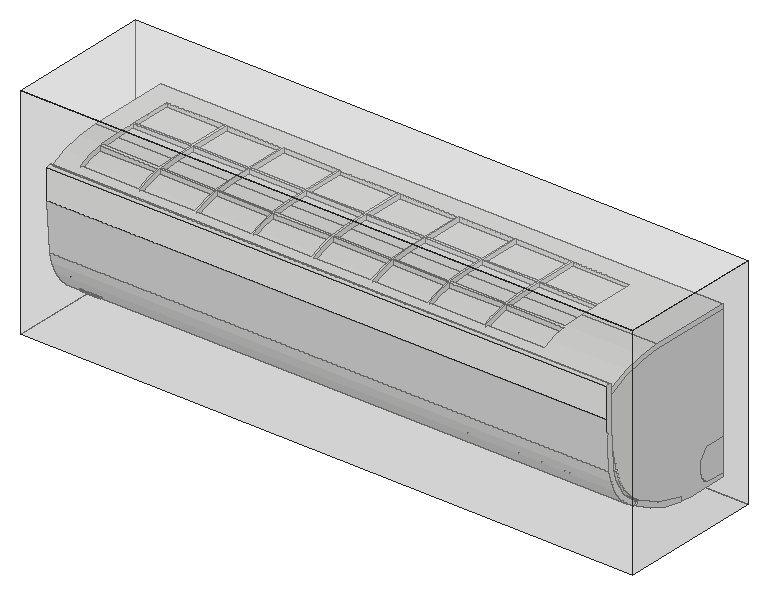
Revit family "outputfile", category 機械設備, Revit 2024
Family settings
  丸型コネクタ寸法 = 半径を使用
  パーツ タイプ = 標準
  OmniClass 番号 = 23.75.10.24.21.27.27
  OmniClass タイトル = Split System Air Conditioning Units
  作業面ベース = いいえ
  常に垂直 = はい
  ロード時にボイドで切り取り = いいえ
  注釈の向きを維持 = いいえ
  共有 = いいえ
  部屋計算ポイント = いいえ
Parameters (values of type "FXAQ50AVMS")
  Description = ""
  製造元 = "Daikin"
  書き出し IFC クラス(タイプ) = "IfcUnitaryEquipmentType"
  定義済み IFC タイプ(タイプ) = "AIRCONDITIONINGUNIT"
  Cost = 0
  モデル = "FXAQ50AVMS"
  Type Comments = ""
  Keynote = ""
  Type Image = (empty or 0)
  Assembly Code = ""
  w3_Indoor air flow = if(Width = 1050.0 mm, 109.0 mm, 1.0 mm)  # 109.0 mm
  w2_Indoor air flow = if(Width = 1050.0 mm, 103.0 mm, 98.0 mm)  # 103.0 mm
  w1_Indoor air flow = if(Width = 1050.0 mm, 108.0 mm, 103.0 mm)  # 108.0 mm
  r_Liquid Pipe Size = Liquid Pipe Size / 2  # 3.2 mm
  r_Gas Pipe Size = Gas Pipe Size / 2  # 6.35 mm
  r_Drain Pipe Size = Drain Pipe Size / 2  # 7.5 mm
  lw_powersupply [instance] = if(Width = 795.0 mm, if(or(Rear Right Connection_refrigerant, Bottom Right Connection_refrigerant), 83.0 mm, if(or(Rear Left Connection_refrigerant, Bottom Left Connection_refrigerant), 740.0 mm, 400.0 mm)), if(Width = 1050.0 mm, if(or(Rear Right Connection_refrigerant, Bottom Right Connection_refrigerant), 83.0 mm, if(or(Rear Left Connection_refrigerant, Bottom Left Connection_refrigerant), 712.0 mm + (1050.0 mm - 795.0 mm), 400.0 mm)), if(or(Rear Right Connection_refrigerant, Bottom Right Connection_refrigerant), 83.0 mm, if(or(Rear Left Connection_refrigerant, Bottom Left Connection_refrigerant), 712.0 mm, 400.0 mm))))  # 400.0 mm
  lw_liquidpipe [instance] = if(Width = 795.0 mm, if(or(Rear Right Connection_refrigerant, Bottom Right Connection_refrigerant), 0.0 mm, if(or(Rear Left Connection_refrigerant, Bottom Left Connection_refrigerant), 627.0 mm, 460.0 mm)), if(Width = 1050.0 mm, if(or(Rear Right Connection_refrigerant, Bottom Right Connection_refrigerant), 0.0 mm, if(or(Rear Left Connection_refrigerant, Bottom Left Connection_refrigerant), 627.0 mm + (1050.0 mm - 795.0 mm), 460.0 mm)), if(or(Rear Right Connection_refrigerant, Bottom Right Connection_refrigerant), 0.0 mm, if(or(Rear Left Connection_refrigerant, Bottom Left Connection_refrigerant), 627.0 mm, 460.0 mm))))  # 460.0 mm
  lw_gaspipe [instance] = if(Width = 795.0 mm, if(or(Rear Right Connection_refrigerant, Bottom Right Connection_refrigerant), 0.0 mm, if(or(Rear Left Connection_refrigerant, Bottom Left Connection_refrigerant), 620.0 mm, 415.0 mm)), if(Width = 1050.0 mm, if(or(Rear Right Connection_refrigerant, Bottom Right Connection_refrigerant), 0.0 mm, if(or(Rear Left Connection_refrigerant, Bottom Left Connection_refrigerant), 620.0 mm + (1050.0 mm - 795.0 mm), 415.0 mm)), if(or(Rear Right Connection_refrigerant, Bottom Right Connection_refrigerant), 0.0 mm, if(or(Rear Left Connection_refrigerant, Bottom Left Connection_refrigerant), 620.0 mm, 415.0 mm))))  # 415.0 mm
  lw_drainpipe [instance] = if(Width = 795.0 mm, if(or(Rear Right Connection_refrigerant, Bottom Right Connection_refrigerant), 0.0 mm, if(or(Rear Left Connection_refrigerant, Bottom Left Connection_refrigerant), 655.0 mm, 475.0 mm)), if(Width = 1050.0 mm, if(or(Rear Right Connection_refrigerant, Bottom Right Connection_refrigerant), 0.0 mm, if(or(Rear Left Connection_refrigerant, Bottom Left Connection_refrigerant), 655.0 mm + (1050.0 mm - 795.0 mm), 475.0 mm)), if(or(Rear Right Connection_refrigerant, Bottom Right Connection_refrigerant), 0.0 mm, if(or(Rear Left Connection_refrigerant, Bottom Left Connection_refrigerant), 655.0 mm, 475.0 mm))))  # 475.0 mm
  l_powersupply_length [instance] = if(Width = 795.0 mm, if(Right Connection_refrigerant, 400.0 mm, if(Left Connection_refrigerant, 395.0 mm, if(or(Rear Left Connection_refrigerant, Rear Right Connection_refrigerant), 15.0 mm, 50.0 mm))), if(Width = 1050.0 mm, if(Right Connection_refrigerant, 400.0 mm, if(Left Connection_refrigerant, 395.0 mm + (1050.0 mm - 795.0 mm), if(or(Rear Left Connection_refrigerant, Rear Right Connection_refrigerant), 15.0 mm, 50.0 mm))), if(Right Connection_refrigerant, 400.0 mm, if(Left Connection_refrigerant, 395.0 mm, if(or(Rear Left Connection_refrigerant, Rear Right Connection_refrigerant), 15.0 mm, 50.0 mm)))))  # 400.0 mm
  l_liquidpipe_length [instance] = if(Width = 795.0 mm, if(Right Connection_refrigerant, 558.0 mm, if(Left Connection_refrigerant, 237.0 mm, if(or(Rear Left Connection_refrigerant, Rear Right Connection_refrigerant), 30.0 mm, 40.0 mm))), if(Width = 1050.0 mm, if(Right Connection_refrigerant, 558.0 mm, if(Left Connection_refrigerant, 237.0 mm + (1050.0 mm - 795.0 mm), if(or(Rear Left Connection_refrigerant, Rear Right Connection_refrigerant), 30.0 mm, 40.0 mm))), if(Right Connection_refrigerant, 558.0 mm, if(Left Connection_refrigerant, 237.0 mm, if(or(Rear Left Connection_refrigerant, Rear Right Connection_refrigerant), 30.0 mm, 40.0 mm)))))  # 558.0 mm
  l_gaspipe_length [instance] = if(Width = 795.0 mm, if(Right Connection_refrigerant, 513.0 mm, if(Left Connection_refrigerant, 282.0 mm, if(or(Rear Left Connection_refrigerant, Rear Right Connection_refrigerant), 40.0 mm, 50.0 mm))), if(Width = 1050.0 mm, if(Right Connection_refrigerant, 513.0 mm, if(Left Connection_refrigerant, 282.0 mm + (1050.0 mm - 795.0 mm), if(or(Rear Left Connection_refrigerant, Rear Right Connection_refrigerant), 40.0 mm, 50.0 mm))), if(Right Connection_refrigerant, 513.0 mm, if(Left Connection_refrigerant, 282.0 mm, if(or(Rear Left Connection_refrigerant, Rear Right Connection_refrigerant), 40.0 mm, 50.0 mm)))))  # 513.0 mm
  l_drainpipe_length [instance] = if(Width = 795.0 mm, if(Right Connection_refrigerant, 573.0 mm, if(Left Connection_refrigerant, 222.0 mm, if(or(Rear Left Connection_refrigerant, Rear Right Connection_refrigerant), 15.0 mm, 20.0 mm))), if(Width = 1050.0 mm, if(Right Connection_refrigerant, 573.0 mm, if(Left Connection_refrigerant, 222.0 mm + (1050.0 mm - 795.0 mm), if(or(Rear Left Connection_refrigerant, Rear Right Connection_refrigerant), 15.0 mm, 20.0 mm))), if(Right Connection_refrigerant, 573.0 mm, if(Left Connection_refrigerant, 477.0 mm, if(or(Rear Left Connection_refrigerant, Rear Right Connection_refrigerant), 15.0 mm, 20.0 mm)))))  # 573.0 mm
  h*** = 0.0 mm  # constant formula
  d1_Indoor air flow = if(Width = 1050.0 mm, 38.0 mm, 35.0 mm)  # 38.0 mm
  angle_vertical [instance] = if(or(Bottom Left Connection_refrigerant, Bottom Right Connection_refrigerant), 0.00°, 90.00°)  # 90.00°
  angle_horizontal [instance] = if(Right Connection_refrigerant, 90.00°, if(Left Connection_refrigerant, -90.00°, if(or(Rear Left Connection_refrigerant, Rear Right Connection_refrigerant), 180.00°, 0.00°)))  # 90.00°
  Width = 1050.0 mm
  Voltage_comment_50Hz = "220-240"
  Voltage_50Hz = 230 V
  Version = "ver.1.0"
  Unit Type = "Wall Mounted Type"
  Unit Mass Weight = 15.00 kg
  Unit Designation [instance] = ""
  Uniclass2015Version = "Products v1.30"
  Uniclass2015Title = "Variable refrigerant flow units"
  Uniclass2015Code = "Pr_70_65_03_94"
  URL = ""
  Total Heating Capacity [instance] = 0.000 kW
  Total Cooling Capacity [instance] = 0.000 kW
  Sound Pressure Level_M speed (dBA) = 0
  Sound Pressure Level_L speed (dBA) = 35.5
  Sound Pressure Level_H speed (dBA) = 41
  Sound Power Level_H speed (dB) = 0
  Series = "VRV Fan Coil Unit"
  Sensible Cooling Capacity [instance] = 0.000 kW
  Refrigerant Type = "R410A"
  Power Input (Heating) = 0.070 kW
  Power Input (Cooling) = 0.060 kW
  Phase_50Hz = 1
  Option Accessory 3 [instance] = ""
  Option Accessory 2 [instance] = ""
  Option Accessory 1 [instance] = ""
  Nominal Heating Capacity = 6.300 kW
  Nominal Cooling Capacity = 5.600 kW
  Minimum Circuit Amps_50Hz = 0.7 A
  Minimum Airflow = 720.00 m³/h
  Median Airflow = 0.00 m³/h
  Maximum Fuse Amps_50Hz = 15.0 A
  Maximum Airflow = 900.00 m³/h
  Material_Casing = DAIKIN_White_Casing_indoorunit
  Load Classification = HVAC
  Liquid Pipe Size = 6.4 mm
  Link_Nested Family [instance] = ""
  IfcVersion = "0"
  IfcExportType = "AIRCONDITIONINGUNIT"
  IfcExportAs = "IfcUnitaryEquipmentType"
  Height = 290.0 mm
  Heating Entering Wet Bulb Temperature [instance] = 0.00 °C
  Heating Entering Dry Bulb Temperature [instance] = 0.00 °C
  Heating Ambient Wet Bulb Temperature [instance] = 0.00 °C
  Heating Ambient Dry Bulb Temperature [instance] = 0.00 °C
  Heat Exchanger Type = "Cross Fin Coil"
  Gas Pipe Size = 12.7 mm
  Frequency_50Hz = 50 Hz
  Fan Type = "Cross Flow Fan"
  Fan Drive = "Direct Drive"
  FCU Tag No. [instance] = ""
  Drain Pipe Size = 15.0 mm
  Design Supply Airflow [instance] = 0.00 m³/h
  Depth = 269.0 mm
  既定の高さ = 0.0 mm
  Cooling Entering Wet Bulb Temperature [instance] = 0.00 °C
  Cooling Entering Dry Bulb Temperature [instance] = 0.00 °C
  Cooling Ambient Wet Bulb Temperature [instance] = 0.00 °C
  Cooling Ambient Dry Bulb Temperature [instance] = 0.00 °C
  Clearance visibility [instance] = yes
  Clearance Top = 90.0 mm
  Clearance Right = 50.0 mm
  Clearance Rear = 0.0 mm
  Clearance Left = 50.0 mm
  Clearance Front = 0.0 mm
  Clearance Bottom = 30.0 mm
  Bottom Right Connection_refrigerant [instance] = no
  Bottom Left Connection_refrigerant [instance] = no
  Rear Right Connection_refrigerant [instance] = no
  Rear Left Connection_refrigerant [instance] = no
  Right Connection_refrigerant [instance] = yes
  Left Connection_refrigerant [instance] = no
Reference planes
  plane 1 "Back": y = 0
  plane 2: z = 0
  plane 3 "Center (Left/Right)": x = 0
  plane 4 "Center (Front/Back)": y = -134.5
  plane 5 "Front": y = -269
  plane 6 "Left": x = -525
  plane 7 "Right": x = 525
  plane 8 "Top": z = 0
  plane 9 "Bottom": z = -290
  plane 10 "Front panel_Left": x = -523
  plane 11 "Front panel_Right": x = 523
  plane 12: x = 389
  plane 13: x = 384
  plane 14: x = -573
  plane 15: x = 573
  plane 16: y = 0
  plane 17: y = -269
  plane 18: z = 90
  plane 19: z = -320
  plane 20: y = -38
  plane 21: y = -114.5
  plane 22: y = -190.5
  plane 23: y = -240
  plane 24: y = -118
  plane 25: y = -194
  plane 26: x = -50
  plane 27: x = -52
  plane 28: x = -48
  plane 29: x = 60
  plane 30: x = -160
  plane 31: x = -163
  plane 32: x = 63
  plane 33: x = -266
  plane 34: x = 166
  plane 35: x = -269
  plane 36: x = 169
  plane 37: x = -372
  plane 38: x = 272
  plane 39: x = -375
  plane 40: x = 275
  plane 41: x = 384
  plane 42: x = -484
  plane 43 "lw_Piping and Wiring intake": x = 427
  plane 44 "lw_gaspipe": x = 12
  plane 45 "lw_liquidpipe": x = -33
  plane 46 "lw_drainpipe": x = -48
  plane 47 "lh_drainpipe": z = -270
  plane 48 "lh_liquidpipe": z = -250
  plane 49 "lh_gaspipe": z = -240
  plane 50 "ld_drainpipe": y = -15
  plane 51 "ld_liquidpipe": y = -30
  plane 52 "ld_gaspipe": y = -40
  plane 53 "lw_powersupply": x = 125
Forms (mm)
  Extrusion 1, solid, material "DAIKIN_White_Casing_indoorunit" <- "Material_Casing"
    sketch origin (0, 0, 0) x (0, 1, 0) y (0, 0, 1)
      loop
        line (0, 0) -> (-153.182, 0)
        arc (-153.182, 0) -> (-207.578, -6.929) -> (-258.5, -27.273) r 216.99
        line (-258.5, -27.273) -> (-258.5, -36.477)
        arc (-258.5, -36.477) -> (-207.732, -15.245) -> (-153.182, -8) r 208.99
        line (-153.182, -8) -> (0, -8) -> (0, 0)
    from -525 to 525
  Extrusion 2, solid, material "DAIKIN_White_Casing_indoorunit" <- "Material_Casing"
    sketch origin (0, 0, 0) x (0, 1, 0) y (0, 0, 1)
      loop
        arc (-153.182, -8) -> (-207.732, -15.245) -> (-258.5, -36.477) r 208.99
        line (-258.5, -36.477) -> (-258.5, -86.08)
        arc (-258.5, -86.08) -> (-255.889, -129.793) -> (-248.094, -172.885) r 367.242
        arc (-248.094, -172.885) -> (-229.647, -212.392) -> (-197.378, -241.715) r 110.72
        arc (-197.378, -241.715) -> (-148.03, -265.605) -> (-95.247, -280.433) r 310.126
        line (-95.247, -280.433) -> (-95.247, -288.232)
        arc (-95.247, -288.232) -> (-84.534, -289.557) -> (-73.748, -290) r 131.592
        line (-73.748, -290) -> (0, -290) -> (0, -8) -> (-153.182, -8)
    from -525 to 525
  Extrusion 3, solid, material "DAIKIN_White_Casing_indoorunit" <- "Material_Casing"
    sketch origin (525, 1296.25, 1200) x (0, 1, 0) y (0, 0, 1)
      loop
        line (-1491.901, -1442.741) -> (-1496.494, -1450.482)
        arc (-1496.494, -1450.482) -> (-1447.058, -1474.911) -> (-1393.497, -1488.023) r 252.452
        line (-1393.497, -1488.023) -> (-1393.497, -1480.051)
        arc (-1393.497, -1480.051) -> (-1444.293, -1465.6) -> (-1491.901, -1442.741) r 310.126
    from 0 to -40.5
  Extrusion 4, solid, material "DAIKIN_White_Casing_indoorunit" <- "Material_Casing"
    sketch origin (0, 0, 0) x (0, 1, 0) y (0, 0, 1)
      loop
        line (-260, -76.896) -> (-260, -19.457) -> (-261.688, -19.457)
        arc (-261.688, -19.457) -> (-265.551, -20.17) -> (-269, -22.048) r 12.48
        line (-269, -22.048) -> (-269, -76.896) -> (-260, -76.896)
    from -523 to 523
  Extrusion 5, solid, material "DAIKIN_White_Casing_indoorunit" <- "Material_Casing"
    sketch origin (0, 0, 0) x (0, 1, 0) y (0, 0, 1)
      loop
        arc (-269, -76.896) -> (-267.342, -121.828) -> (-262.378, -166.517) r 609.735
        line (-262.378, -166.517) -> (-253.471, -165.192)
        arc (-253.471, -165.192) -> (-258.366, -121.165) -> (-260, -76.896) r 600.314
        line (-260, -76.896) -> (-269, -76.896)
    from -523 to 523
  Extrusion 6, solid, material "DAIKIN_White_Casing_indoorunit" <- "Material_Casing"
    sketch origin (0, 0, 0) x (0, 1, 0) y (0, 0, 1)
      loop
        arc (-262.378, -166.517) -> (-243.331, -214.672) -> (-204.947, -249.433) r 114
        line (-204.947, -249.433) -> (-200.324, -241.643)
        arc (-200.324, -241.643) -> (-235.845, -209.638) -> (-253.471, -165.192) r 104.894
        line (-253.471, -165.192) -> (-262.378, -166.517)
    from -523 to 523
  Extrusion 7, solid, material "DAIKIN_White_Casing_indoorunit" <- "Material_Casing"
    sketch origin (-525, 1296.25, 1200) x (0, 1, 0) y (0, 0, 1)
      loop
        arc (-1496.494, -1450.482) -> (-1447.058, -1474.911) -> (-1393.497, -1488.023) r 252.452
        line (-1393.497, -1488.023) -> (-1393.497, -1480.051)
        arc (-1393.497, -1480.051) -> (-1444.293, -1465.6) -> (-1491.901, -1442.741) r 310.126
        line (-1491.901, -1442.741) -> (-1496.494, -1450.482)
    from 0 to 40.5
  Extrusion 8, solid, material "DAIKIN_White_Casing_indoorunit" <- "Material_Casing"
    sketch origin (0, 0, 0) x (0, 1, 0) y (0, 0, 1)
      loop
        arc (-134.549, -280.22) -> (-116.045, -284.826) -> (-97.247, -288.023) r 252.452
        line (-97.247, -288.023) -> (-97.247, -280.051)
        arc (-97.247, -280.051) -> (-114.669, -276.142) -> (-131.838, -271.237) r 310.126
        line (-131.838, -271.237) -> (-134.549, -280.22)
    from -484.5 to 484.5
  Extrusion 9, solid, material "DAIKIN_White_Casing_indoorunit" <- "Material_Casing"
    sketch origin (389, -1524, 1789.769) x (0, 0, 1) y (0, -1, 0)
      loop
        line (-2032.51, -1328.35) -> (-2040.251, -1323.756)
        arc (-2040.251, -1323.756) -> (-2050.358, -1341.058) -> (-2059.061, -1359.107) r 252.452
        line (-2059.061, -1359.107) -> (-2050.603, -1364.126)
        arc (-2050.603, -1364.126) -> (-2042.135, -1345.945) -> (-2032.51, -1328.35) r 310.126
    from 0 to 95.5
  Extrusion 10, solid, material "DAIKIN_White_Casing_indoorunit" <- "Material_Casing"
    sketch origin (389, -1524, 1789.769) x (0, 0, 1) y (0, -1, 0)
      loop
        arc (-2059.061, -1359.107) -> (-2065.01, -1374.104) -> (-2069.989, -1389.451) r 252.452
        line (-2069.989, -1389.451) -> (-2061.006, -1392.162)
        arc (-2061.006, -1392.162) -> (-2056.142, -1378.019) -> (-2050.603, -1364.126) r 310.126
        line (-2050.603, -1364.126) -> (-2059.061, -1359.107)
    from 0 to 95.5
  Extrusion 11, solid, material "DAIKIN_White_Casing_indoorunit" <- "Material_Casing"
    sketch origin (384, -1524, 1089.438) x (0, 0, 1) y (0, -1, 0)
      loop
        arc (-1350.272, -1364.126) -> (-1341.805, -1345.945) -> (-1332.179, -1328.35) r 310.126
        line (-1332.179, -1328.35) -> (-1339.92, -1323.756)
        arc (-1339.92, -1323.756) -> (-1350.027, -1341.058) -> (-1358.73, -1359.107) r 252.452
        line (-1358.73, -1359.107) -> (-1350.272, -1364.126)
    from 0 to -868.5
  Extrusion 12, solid, material "DAIKIN_White_Casing_indoorunit" <- "Material_Casing"
    sketch origin (384, -1524, 1089.438) x (0, 0, 1) y (0, -1, 0)
      loop
        arc (-1360.675, -1392.162) -> (-1355.812, -1378.019) -> (-1350.272, -1364.126) r 310.126
        line (-1350.272, -1364.126) -> (-1358.73, -1359.107)
        arc (-1358.73, -1359.107) -> (-1364.679, -1374.104) -> (-1369.658, -1389.451) r 252.452
        line (-1369.658, -1389.451) -> (-1360.675, -1392.162)
    from 0 to -868.5
  Extrusion 13, void
    sketch origin (0, 0, 0) x (-1, 0, 0) y (0, -1, 0)
      loop
        line (48, 38) -> (48, 114.5) -> (-60, 114.5) -> (-60, 38) -> (48, 38)
      loop
        line (-63, 38) -> (-63, 114.5) -> (-166, 114.5) -> (-166, 38) -> (-63, 38)
      loop
        line (-169, 38) -> (-169, 114.5) -> (-272, 114.5) -> (-272, 38) -> (-169, 38)
      loop
        line (-275, 38) -> (-275, 114.5) -> (-384, 114.5) -> (-384, 38) -> (-275, 38)
      loop
        line (160, 38) -> (160, 114.5) -> (52, 114.5) -> (52, 38) -> (160, 38)
      loop
        line (-275, 118) -> (-275, 190.5) -> (-384, 190.5) -> (-384, 118) -> (-275, 118)
      loop
        line (-275, 194) -> (-275, 240) -> (-384, 240) -> (-384, 194) -> (-275, 194)
      loop
        line (-169, 240) -> (-272, 240) -> (-272, 194) -> (-169, 194) -> (-169, 240)
      loop
        line (-63, 240) -> (-166, 240) -> (-166, 194) -> (-63, 194) -> (-63, 240)
      loop
        line (-60, 194) -> (48, 194) -> (48, 240) -> (-60, 240) -> (-60, 194)
      loop
        line (160, 240) -> (52, 240) -> (52, 194) -> (160, 194) -> (160, 240)
      loop
        line (266, 240) -> (163, 240) -> (163, 194) -> (266, 194) -> (266, 240)
      loop
        line (372, 240) -> (269, 240) -> (269, 194) -> (372, 194) -> (372, 240)
      loop
        line (163, 38) -> (266, 38) -> (266, 114.5) -> (163, 114.5) -> (163, 38)
      loop
        line (269, 38) -> (372, 38) -> (372, 114.5) -> (269, 114.5) -> (269, 38)
      loop
        line (372, 118) -> (372, 190.5) -> (269, 190.5) -> (269, 118) -> (372, 118)
      loop
        line (266, 118) -> (266, 190.5) -> (163, 190.5) -> (163, 118) -> (266, 118)
      loop
        line (160, 118) -> (160, 190.5) -> (52, 190.5) -> (52, 118) -> (160, 118)
      loop
        line (48, 118) -> (48, 190.5) -> (-60, 190.5) -> (-60, 118) -> (48, 118)
      loop
        line (-63, 118) -> (-63, 190.5) -> (-166, 190.5) -> (-166, 118) -> (-63, 118)
      loop
        line (-169, 118) -> (-169, 190.5) -> (-272, 190.5) -> (-272, 118) -> (-169, 118)
      loop
        line (375, 38) -> (484, 38) -> (484, 114.5) -> (375, 114.5) -> (375, 38)
      loop
        line (484, 118) -> (484, 190.5) -> (375, 190.5) -> (375, 118) -> (484, 118)
      loop
        line (484, 240) -> (375, 240) -> (375, 194) -> (484, 194) -> (484, 240)
    from 2 to -30
  Extrusion 14, solid, material "DAIKIN_White_Casing_indoorunit" <- "Material_Casing"
    sketch origin (0, 0, 0) x (1, 0, 0) y (0, 0, 1)
      loop
        circle (427, -246) r 40
      loop
        circle (-465, -246) r 40
    from 0 to 5
  Extrusion 15, solid, material "DAIKIN_White_Casing_indoorunit" <- "Material_Casing"
    sketch origin (525, 1296.25, 1200) x (0, -1, 0) y (0, 0, 1)
      loop
        line (1326.25, -1422) -> (1296.25, -1422) -> (1296.25, -1482) -> (1326.25, -1482)
        arc (1326.25, -1482) -> (1340.393, -1476.142) -> (1346.25, -1462) r 20
        line (1346.25, -1462) -> (1346.25, -1442)
        arc (1346.25, -1442) -> (1340.393, -1427.858) -> (1326.25, -1422) r 20
    from 0 to 5
  Extrusion 16, solid, material "DAIKIN_White_Casing_indoorunit" <- "Material_Casing"
    sketch origin (-525, 1296.25, 1200) x (0, 1, 0) y (0, 0, 1)
      loop
        line (-1296.25, -1422) -> (-1326.25, -1422)
        arc (-1326.25, -1422) -> (-1340.393, -1427.858) -> (-1346.25, -1442) r 20
        line (-1346.25, -1442) -> (-1346.25, -1462)
        arc (-1346.25, -1462) -> (-1340.393, -1476.142) -> (-1326.25, -1482) r 20
        line (-1326.25, -1482) -> (-1296.25, -1482) -> (-1296.25, -1422)
    from 0 to 5
  Extrusion 17, solid, material "DAIKIN_White_Casing_indoorunit" <- "Material_Casing"
    sketch origin (0, 0, -290) x (-1, 0, 0) y (0, -1, 0)
      loop
        line (-397, 0) -> (-397, 30)
        arc (-397, 30) -> (-402.858, 44.142) -> (-417, 50) r 20
        line (-417, 50) -> (-437, 50)
        arc (-437, 50) -> (-451.142, 44.142) -> (-457, 30) r 20
        line (-457, 30) -> (-457, 0) -> (-397, 0)
      loop
        line (495, 0) -> (495, 30)
        arc (495, 30) -> (489.142, 44.142) -> (475, 50) r 20
        line (475, 50) -> (455, 50)
        arc (455, 50) -> (440.858, 44.142) -> (435, 30) r 20
        line (435, 30) -> (435, 0) -> (495, 0)
    from 0 to 5
Cuts and joins
  joined: Extrusion 4, Extrusion 5, Extrusion 6
  joined: Extrusion 3, Extrusion 7, Extrusion 8
  Extrusion 13 cuts Extrusion 1
Lines and regions (mm)
  reference lines
    curve 1: line (-523, -230.394, -229.966) -> (-523, -223.117, -236.824)
Dimensions and locks
  equal spacing: plane 6 "Left", plane 3 "Center (Left/Right)", plane 7 "Right"
  "Width": plane 6 "Left" to plane 7 "Right"
  equal spacing: plane 5 "Front", plane 4 "Center (Front/Back)", plane 1 "Back"
  "Depth": plane 5 "Front" to plane 1 "Back"
  "Height": plane 8 "Top" to plane 9 "Bottom"
  locked: Extrusion 1 sketch curve to Extrusion 1 sketch curve at 8
  locked: Extrusion 2 sketch curve to plane 1 "Back" at 73.748
  locked: Extrusion 3 sketch curve to plane 1 "Back" at 97.247
  locked: Extrusion 4 sketch curve to Extrusion 4 sketch curve at 9
  locked: plane 8 "Top" to Extrusion 4 sketch curve at 19.457
  locked: plane 5 "Front" to Extrusion 6 sketch curve at 6.622
  locked: plane 5 "Front" to Extrusion 6 sketch curve at 15.529
  locked: plane 10 "Front panel_Left" to plane 6 "Left" at 2
  locked: plane 7 "Right" to plane 11 "Front panel_Right" at 2
  locked: cut or joined group of Extrusion 3, Extrusion 7, Extrusion 8 to Extrusion 9 sketch curve at 40
  locked: plane 7 "Right" to plane 12 at 136
  locked: plane 12 to plane 13 at 5
  "Clearance Left": plane 14 to plane 10 "Front panel_Left"
  "Clearance Right": plane 11 "Front panel_Right" to plane 15
  "Clearance Rear": plane 16 to plane 1 "Back"
  "Clearance Front": plane 17 to plane 5 "Front"
  "Clearance Top": plane 18 to plane 8 "Top"
  "Clearance Bottom": plane 9 "Bottom" to plane 19
  locked: nested 2 to plane 10 "Front panel_Left" at 50
  "d1_Indoor air flow": plane 20 to plane 1 "Back"
  locked: plane 20 to plane 21 at 76.5
  locked: plane 21 to plane 24 at 3.5
  locked: plane 24 to plane 22 at 72.5
  locked: plane 22 to plane 25 at 3.5
  locked: plane 25 to plane 23 at 46
  locked: plane 26 to plane 3 "Center (Left/Right)" at 50
  equal spacing: plane 27, plane 26, plane 28
  locked: plane 27 to plane 28 at 4
  "w1_Indoor air flow": plane 28 to plane 29
  "w1_Indoor air flow": plane 30 to plane 27
  locked: plane 31 to plane 30 at 3
  locked: plane 29 to plane 32 at 3
  "w2_Indoor air flow": plane 33 to plane 31
  "w2_Indoor air flow": plane 32 to plane 34
  locked: plane 35 to plane 33 at 3
  locked: plane 34 to plane 36 at 3
  locked: plane 37 to plane 35 at 103
  locked: plane 36 to plane 38 at 103
  locked: plane 39 to plane 37 at 3
  locked: plane 38 to plane 40 at 3
  "w3_Indoor air flow": plane 40 to plane 41
  "w3_Indoor air flow": plane 42 to plane 39
  locked: plane 9 "Bottom" to Extrusion 14 sketch curve at 44  (x2)
  locked: Extrusion 14 sketch curve to plane 6 "Left" at 60
  locked: plane 7 "Right" to Extrusion 14 sketch curve at 98
  locked: plane 43 "lw_Piping and Wiring intake" to plane 7 "Right" at 98
  "lw_gaspipe": plane 44 "lw_gaspipe" to plane 43 "lw_Piping and Wiring intake"
  "lw_liquidpipe": plane 45 "lw_liquidpipe" to plane 43 "lw_Piping and Wiring intake"
  "lw_drainpipe": plane 46 "lw_drainpipe" to plane 43 "lw_Piping and Wiring intake"
  locked: plane 47 "lh_drainpipe" to plane 9 "Bottom" at 20
  locked: plane 48 "lh_liquidpipe" to plane 9 "Bottom" at 40
  locked: plane 49 "lh_gaspipe" to plane 9 "Bottom" at 50
  locked: plane 50 "ld_drainpipe" to plane 1 "Back" at 15
  locked: plane 1 "Back" to plane 51 "ld_liquidpipe" at 30
  locked: plane 1 "Back" to plane 52 "ld_gaspipe" at 40
  Extrusion 15 sketch curve to Extrusion 15 sketch curve to plane 9 "Bottom" = 60.0 mm locked, 8.0 mm locked
  locked: Extrusion 15 sketch curve to Extrusion 15 sketch curve at 50
  locked: Extrusion 17 sketch curve to Extrusion 17 sketch curve at 60  (x2)
  locked: Extrusion 17 sketch curve to Extrusion 17 sketch curve at 50
  locked: Extrusion 17 sketch curve to plane 43 "lw_Piping and Wiring intake" at 30
  locked: plane 6 "Left" to Extrusion 17 sketch curve at 30
  "lw_powersupply": plane 53 "lw_powersupply" to plane 7 "Right"
  radius of Extrusion 5 sketch curve = 609.735 mm
  radius of Extrusion 5 sketch curve = 600.314 mm
  aligned and locked: level to plane 2
  aligned and locked: plane 8 "Top" to Extrusion 1 sketch curve
  aligned and locked: plane 1 "Back" to Extrusion 1 sketch curve
  aligned and locked: Extrusion 1 to plane 6 "Left"
  aligned and locked: plane 7 "Right" to Extrusion 1
  aligned and locked: Extrusion 2 sketch curve to Extrusion 1
  aligned and locked: Extrusion 1 to Extrusion 2 sketch curve
  aligned and locked: plane 1 "Back" to Extrusion 2 sketch curve
  aligned and locked: Extrusion 2 sketch curve to plane 9 "Bottom"
  aligned and locked: Extrusion 2 to plane 6 "Left"
  aligned and locked: plane 7 "Right" to Extrusion 2
  aligned and locked: Extrusion 3 sketch curve to Extrusion 2
  aligned and locked: plane 5 "Front" to Extrusion 4 sketch curve
  aligned and locked: Extrusion 5 sketch curve to Extrusion 4
  aligned and locked: Extrusion 6 sketch curve to Extrusion 5
  aligned and locked: cut or joined group of Extrusion 4, Extrusion 5, Extrusion 6 to plane 11 "Front panel_Right"  (x3)
  aligned and locked: plane 10 "Front panel_Left" to cut or joined group of Extrusion 4, Extrusion 5, Extrusion 6  (x3)
  aligned and locked: Extrusion 7 sketch curve to Extrusion 3  (x4)
  aligned and locked: Extrusion 8 sketch curve to Extrusion 3  (x3)
  aligned and locked: Extrusion 8 to Extrusion 3
  aligned and locked: Extrusion 8 to Extrusion 7
  aligned and locked: Extrusion 9 sketch curve to cut or joined group of Extrusion 3, Extrusion 7, Extrusion 8  (x3)
  aligned and locked: Extrusion 10 sketch curve to cut or joined group of Extrusion 3, Extrusion 7, Extrusion 8  (x3)
  aligned and locked: Extrusion 10 sketch curve to Extrusion 9
  aligned and locked: Extrusion 9 to cut or joined group of Extrusion 3, Extrusion 7, Extrusion 8
  aligned and locked: Extrusion 10 to cut or joined group of Extrusion 3, Extrusion 7, Extrusion 8
  aligned and locked: Extrusion 11 sketch curve to Extrusion 9  (x4)
  aligned and locked: Extrusion 11 to cut or joined group of Extrusion 3, Extrusion 7, Extrusion 8
  aligned and locked: Extrusion 12 sketch curve to Extrusion 10  (x4)
  aligned and locked: Extrusion 12 to cut or joined group of Extrusion 3, Extrusion 7, Extrusion 8
  aligned and locked: plane 16 to nested 1
  aligned and locked: nested 1 to plane 17
  aligned and locked: plane 14 to nested 1
  aligned and locked: plane 15 to nested 1
  aligned and locked: plane 19 to nested 1
  aligned and locked: plane 18 to nested 1
  aligned and locked: nested 2 to curve 1
  aligned and locked: Extrusion 13 sketch curve to plane 20  (x5)
  aligned and locked: plane 28 to Extrusion 13 sketch curve  (x2)
  aligned and locked: plane 21 to Extrusion 13 sketch curve  (x5)
  aligned and locked: Extrusion 13 sketch curve to plane 29  (x2)
  aligned and locked: plane 32 to Extrusion 13 sketch curve  (x2)
  aligned and locked: Extrusion 13 sketch curve to plane 34  (x2)
  aligned and locked: plane 36 to Extrusion 13 sketch curve  (x2)
  aligned and locked: Extrusion 13 sketch curve to plane 38  (x2)
  aligned and locked: plane 40 to Extrusion 13 sketch curve  (x3)
  aligned and locked: Extrusion 13 sketch curve to plane 41  (x3)
  aligned and locked: plane 30 to Extrusion 13 sketch curve  (x2)
  aligned and locked: Extrusion 13 sketch curve to plane 27  (x2)
  aligned and locked: Extrusion 13 sketch curve to plane 24  (x8)
  aligned and locked: plane 22 to Extrusion 13 sketch curve  (x8)
  aligned and locked: Extrusion 13 sketch curve to plane 25
  aligned and locked: plane 23 to Extrusion 13 sketch curve
  aligned and locked: Extrusion 13 sketch curve to plane 23  (x7)
  aligned and locked: Extrusion 13 sketch curve to plane 36
  aligned and locked: plane 25 to Extrusion 13 sketch curve  (x7)
  aligned and locked: plane 38 to Extrusion 13 sketch curve
  aligned and locked: Extrusion 13 sketch curve to plane 32
  aligned and locked: plane 34 to Extrusion 13 sketch curve
  aligned and locked: plane 29 to Extrusion 13 sketch curve
  aligned and locked: Extrusion 13 sketch curve to plane 28
  aligned and locked: Extrusion 13 sketch curve to plane 30
  aligned and locked: plane 27 to Extrusion 13 sketch curve
  aligned and locked: Extrusion 13 sketch curve to plane 33  (x2)
  aligned and locked: plane 31 to Extrusion 13 sketch curve  (x2)
  aligned and locked: Extrusion 13 sketch curve to plane 37  (x2)
  aligned and locked: plane 35 to Extrusion 13 sketch curve  (x2)
  aligned and locked: plane 20 to Extrusion 13 sketch curve  (x3)
  aligned and locked: Extrusion 13 sketch curve to plane 21  (x3)
  aligned and locked: plane 37 to Extrusion 13 sketch curve
  aligned and locked: Extrusion 13 sketch curve to plane 35
  aligned and locked: plane 33 to Extrusion 13 sketch curve
  aligned and locked: Extrusion 13 sketch curve to plane 31
  aligned and locked: plane 39 to Extrusion 13 sketch curve  (x2)
  aligned and locked: Extrusion 13 sketch curve to plane 42  (x2)
  aligned and locked: plane 42 to Extrusion 13 sketch curve
  aligned and locked: Extrusion 13 sketch curve to plane 39
  aligned and locked: plane 1 "Back" to Extrusion 15 sketch curve
  aligned and locked: Extrusion 16 sketch curve to Extrusion 15  (x4)
  aligned and locked: Extrusion 17 sketch curve to Extrusion 17 sketch curve  (x2)
  aligned and locked: plane 1 "Back" to Extrusion 17 sketch curve
  aligned and locked: plane 44 "lw_gaspipe" to nested 3
  aligned and locked: nested 3 to plane 52 "ld_gaspipe"
  aligned and locked: plane 45 "lw_liquidpipe" to nested 4
  aligned and locked: nested 4 to plane 51 "ld_liquidpipe"
  aligned and locked: plane 46 "lw_drainpipe" to nested 5
  aligned and locked: nested 5 to plane 50 "ld_drainpipe"
  aligned and locked: nested 6 to plane 50 "ld_drainpipe"
  aligned and locked: plane 53 "lw_powersupply" to nested 6
  aligned and locked: level to plane 8 "Top"
Automatic sketch dimensions
  Extrusion 1 sketch curve to plane 8 "Top" = 0.0 mm
  Extrusion 1 sketch curve to plane 4 "Center (Front/Back)" = 18.682 mm
  Extrusion 1 sketch curve to Extrusion 1 sketch curve = 9.205 mm
  Extrusion 1 sketch curve to Extrusion 1 sketch curve = 0.0 mm  (x3)
  Extrusion 1 sketch curve to plane 5 "Front" = 10.5 mm
  Extrusion 2 sketch curve to plane 4 "Center (Front/Back)" = 6.011 mm
  plane 9 "Bottom" to Extrusion 2 sketch curve = 9.567 mm
  Extrusion 2 sketch curve to Extrusion 2 sketch curve = 21.499 mm
  plane 1 "Back" to Extrusion 2 sketch curve = 38.095 mm
  Extrusion 2 sketch curve to plane 8 "Top" = 86.08 mm
  Extrusion 2 sketch curve to Extrusion 2 sketch curve = 7.799 mm
  Extrusion 2 sketch curve to Extrusion 2 sketch curve = 11.695 mm
  plane 8 "Top" to Extrusion 2 sketch curve = 24.382 mm
  Extrusion 2 sketch curve to Extrusion 2 sketch curve = 0.0 mm  (x2)
  Extrusion 4 sketch curve to Extrusion 4 sketch curve = 1.688 mm
  Extrusion 4 sketch curve to plane 5 "Front" = 7.618 mm
  Extrusion 4 sketch curve to Extrusion 4 sketch curve = 12.476 mm
  Extrusion 4 sketch curve to Extrusion 4 sketch curve = 44.963 mm
  Extrusion 5 sketch curve to Extrusion 5 sketch curve = 0.421 mm
  Extrusion 5 sketch curve to plane 5 "Front" = 6.622 mm
  Extrusion 5 sketch curve to Extrusion 5 sketch curve = 8.907 mm
  Extrusion 5 sketch curve to plane 5 "Front" = 0.0 mm
  plane 9 "Bottom" to Extrusion 6 sketch curve = 40.567 mm
  Extrusion 6 sketch curve to Extrusion 6 sketch curve = 4.622 mm
  Extrusion 6 sketch curve to Extrusion 6 sketch curve = 0.102 mm
  Extrusion 6 sketch curve to Extrusion 6 sketch curve = 0.003 mm
  Extrusion 6 sketch curve to Extrusion 6 sketch curve = 48.524 mm
  Extrusion 6 sketch curve to Extrusion 6 sketch curve = 50.607 mm
  plane 9 "Bottom" to Extrusion 3 sketch curve = 47.259 mm
  Extrusion 3 sketch curve to Extrusion 3 sketch curve = 4.593 mm
  plane 1 "Back" to Extrusion 3 sketch curve = 64.356 mm
  plane 9 "Bottom" to Extrusion 3 sketch curve = 1.977 mm
  Extrusion 3 sketch curve to Extrusion 3 sketch curve = 7.741 mm
  plane 4 "Center (Front/Back)" to Extrusion 8 sketch curve = 2.662 mm
  Extrusion 8 sketch curve to plane 4 "Center (Front/Back)" = 0.049 mm
  plane 9 "Bottom" to curve 1 = 53.176 mm
  curve 1 to plane 5 "Front" = 45.883 mm
  curve 1 to curve 1 = 6.859 mm
  curve 1 to curve 1 = 7.277 mm
  Extrusion 15 sketch curve to plane 51 "ld_liquidpipe" = 0.0 mm  (x2)
  Extrusion 17 sketch curve to plane 51 "ld_liquidpipe" = 0.0 mm  (x4)
  radius of Extrusion 14 sketch curve = 40.0 mm  (x2)
Nested families
  nested 1: "daikin_clearancespace" at (0, -134.5, -114.881), show <- "Clearance visibility", visible <- "Clearance visibility", Link_Nested Family <- "Link_Nested Family", type "daikin_clearancespace"
    with width 1146.0 mm, show yes, height 410.0 mm, depth 269.0 mm, Link_Nested Family ""
  nested 2: "daikin_logo_plane_w40" at (-473, -230.722, -229.657) x (1, 0, 0) z (0, -0.6859, -0.7277), type "daikin_logo_plane_w40"
    with show_logo yes
  nested 3: "daikin_connector_rotate3" at (12, -40, -240), angle_vertical <- "angle_vertical", angle_horizontal <- "angle_horizontal", length <- "l_gaspipe_length", radius <- "r_Gas Pipe Size", type "daikin_connector_rotate3"
    with show no, radius 6.35 mm, length 513.0 mm, angle_vertical 90.00°, angle_horizontal 90.00°
  nested 4: "daikin_connector_rotate3" at (-33, -30, -250), angle_vertical <- "angle_vertical", angle_horizontal <- "angle_horizontal", radius <- "r_Liquid Pipe Size", length <- "l_liquidpipe_length", type "daikin_connector_rotate3"
    with show no, radius 3.2 mm, length 558.0 mm, angle_vertical 90.00°, angle_horizontal 90.00°
  nested 5: "daikin_connector_rotate3" at (-48, -15, -270), angle_vertical <- "angle_vertical", angle_horizontal <- "angle_horizontal", length <- "l_drainpipe_length", radius <- "r_Drain Pipe Size", type "daikin_connector_rotate3"
    with show no, radius 7.5 mm, length 573.0 mm, angle_vertical 90.00°, angle_horizontal 90.00°
  nested 6: "daikin_connector_rotate3" at (125, -15, -240), angle_vertical <- "angle_vertical", angle_horizontal <- "angle_horizontal", length <- "l_powersupply_length", type "daikin_connector_rotate3"
    with show no, radius 10.0 mm, length 400.0 mm, angle_vertical 90.00°, angle_horizontal 90.00°
Connectors
  piping at (525, -40, -240), diameter 12.7, driven by "r_Gas Pipe Size"
    settings: on nested 3, index 1, connector inside diameter 609.6 mm, connector length 0.0 mm, flow factor 0, pipe flow 0.00 m³/h, pressure drop 0.0 Pa, fitting loss kfactor 0, connector angle 0.00°, fixture units 0, engagement length 0.0 mm, angle of deflection 0.00°, flow configuration 1, flow direction 2, fitting loss method 0, system type 29, joint type 0, gender type 0, connector reference index -1, connector utility 0, adjustable connector no, is connector primary yes, connector description "Refrigerant Gas Piping"
  piping at (525, -30, -250), diameter 6.4, driven by "r_Liquid Pipe Size"
    settings: on nested 4, index 2, connector inside diameter 609.6 mm, connector length 0.0 mm, flow factor 0, pipe flow 0.00 m³/h, pressure drop 0.0 Pa, fitting loss kfactor 0, connector angle 0.00°, fixture units 0, engagement length 0.0 mm, angle of deflection 0.00°, flow configuration 1, flow direction 1, fitting loss method 0, system type 29, joint type 0, gender type 0, connector reference index -1, connector utility 0, adjustable connector no, is connector primary no, connector description "Refrigerant Liquid Piping"
  piping at (525, -15, -270), diameter 15, driven by "r_Drain Pipe Size"
    settings: on nested 5, index 3, connector inside diameter 609.6 mm, connector length 0.0 mm, flow factor 0, pipe flow 0.00 m³/h, pressure drop 0.0 Pa, fitting loss kfactor 0, connector angle 0.00°, fixture units 0, engagement length 0.0 mm, angle of deflection 0.00°, flow configuration 1, flow direction 2, fitting loss method 4, system type 16, joint type 0, gender type 0, connector reference index -1, connector utility 0, adjustable connector no, is connector primary no, connector description "Condensate Drain Piping"
  electrical at (525, -15, -240), driven by "Load Classification"
    settings: on nested 6, index 4, voltage 0 V, apparent load 0 VA, apparent load phase1 0 VA, apparent load phase2 0 VA, apparent load phase3 0 VA, power factor 1, load classification "HVAC", number of poles 1, system type 30, power factor state 1, is connector primary yes, connector utility no, sub classification motor no, connector description "Power Supply"
Definition of nested family "daikin_clearancespace"
  Parameters (values of type "daikin_clearancespace")
    Description = "daikin_clearancespace"
    width [instance] = 1823.963 mm
    show [instance] = yes
    material = none
    height [instance] = 1359.762 mm
    depth [instance] = 880.0 mm
    Default Elevation = 0.0 mm
    Link_Nested Family [instance] = ""
  Reference planes
    plane 1 "Center (Front/Back)": y = 0
    plane 2 "Center (Elevation)": z = -0.119
    plane 3 "Center (Left/Right)": x = 0
    plane 4: y = 440
    plane 5: y = -440
    plane 6 "Right": x = 911.982
    plane 7 "Left": x = -911.982
    plane 8 "Top": z = 679.762
    plane 9 "Bottom": z = -680
  Forms (mm)
    Extrusion 1, solid, material <- "material", visible <- "show"
      sketch origin (0, 0, 0) x (1, 0, 0) y (0, 1, 0)
        loop
          line (-911.982, 440) -> (-911.982, -440) -> (911.982, -440) -> (911.982, 440) -> (-911.982, 440)
      from -680 to 679.762
  Lines and regions (mm)
    symbolic lines, visible <- "show"
      curve 1: line (911.982, 440, 0) -> (-911.982, 440, 0)
      curve 2: line (-911.982, 440, 0) -> (-911.982, -440, 0)
      curve 3: line (-911.982, -440, 0) -> (911.982, -440, 0)
      curve 4: line (911.982, -440, 0) -> (911.982, 440, 0)
      curve 5: line (911.982, 0, 679.762) -> (-911.982, 0, 679.762)
      curve 6: line (911.982, 0, -680) -> (911.982, 0, 679.762)
      curve 7: line (-911.982, 0, -680) -> (911.982, 0, -680)
      curve 8: line (-911.982, 0, 679.762) -> (-911.982, 0, -680)
      curve 9: line (0, 440, 679.762) -> (0, -440, 679.762)
      curve 10: line (0, -440, 679.762) -> (0, -440, -680)
      curve 11: line (0, 440, -680) -> (0, 440, 679.762)
      curve 12: line (0, -440, -680) -> (0, 440, -680)
  Dimensions and locks
    "width": plane 7 "Left" to plane 6 "Right"
    "depth": plane 4 to plane 5
    "height": plane 8 "Top" to plane 9 "Bottom"
    equal spacing: plane 7 "Left", plane 3 "Center (Left/Right)", plane 6 "Right"
    equal spacing: plane 4, plane 1 "Center (Front/Back)", plane 5
    equal spacing: plane 8 "Top", plane 2 "Center (Elevation)", plane 9 "Bottom"
    aligned and locked: level to plane 2 "Center (Elevation)"
    aligned and locked: Extrusion 1 sketch curve to plane 4
    aligned and locked: plane 7 "Left" to Extrusion 1 sketch curve
    aligned and locked: Extrusion 1 sketch curve to plane 5
    aligned and locked: Extrusion 1 sketch curve to plane 6 "Right"
    aligned and locked: plane 8 "Top" to Extrusion 1
    aligned and locked: curve 1 to Extrusion 1
    aligned and locked: curve 2 to Extrusion 1
    aligned and locked: curve 3 to Extrusion 1
    aligned and locked: curve 4 to Extrusion 1
    aligned and locked: curve 5 to Extrusion 1
    aligned and locked: curve 6 to Extrusion 1
    aligned and locked: curve 7 to Extrusion 1
    aligned and locked: curve 8 to Extrusion 1
    aligned and locked: curve 9 to Extrusion 1
    aligned and locked: curve 10 to Extrusion 1
    aligned and locked: curve 11 to Extrusion 1
    aligned and locked: curve 12 to Extrusion 1
    aligned and locked: Extrusion 1 to plane 9 "Bottom"
Definition of nested family "daikin_logo_plane_w40"
  Parameters (values of type "daikin_logo_plane_w40")
    width = 40.0 mm
    show_logo [instance] = yes
    material = none
    height = 0.0 mm
    depth = 0.0 mm
    Default Elevation = 1219.2 mm
  Reference planes
    plane 1 "Center (Front/Back)": y = 0
    plane 2: z = 0
    plane 3 "Center (Left/Right)": x = 0
    plane 4: z = 2
    plane 5 "left": x = -19
    plane 6: x = 19
  Forms (mm)
    Extrusion 1, solid, visible <- "show_logo"
      sketch origin (-19, 0, 0) x (1, 0, 0) y (0, 1, 0)
        loop
          line (8.902, -1.878) -> (7.789, -6.332) -> (11.13, -6.332)
          arc (11.13, -6.332) -> (12.454, -6.064) -> (13.472, -5.176) r 2.642
          arc (13.472, -5.176) -> (13.92, -4.02) -> (13.767, -2.79) r 2.537
          arc (13.767, -2.79) -> (13.452, -2.342) -> (12.982, -2.06) r 1.321
          arc (12.982, -2.06) -> (12.063, -1.902) -> (11.13, -1.878) r 6.479
          line (11.13, -1.878) -> (8.902, -1.878)
        loop
          line (10.016, -5.441) -> (10.907, -5.441)
          arc (10.907, -5.441) -> (11.591, -4.983) -> (11.988, -4.261) r 1.742
          spline (11.988, -4.261) -> (12.01, -4.155) -> (12.027, -4.03) -> (12.037, -3.893) -> (12.037, -3.747) -> (12.026, -3.598) -> (12.002, -3.451) -> (11.962, -3.31) -> (11.905, -3.181) -> (11.829, -3.069) -> (11.731, -2.978) -> (11.61, -2.913) -> (11.464, -2.88)
          line (11.464, -2.88) -> (10.573, -2.88) -> (10.016, -5.441)
        loop
          line (13.58, -6.332) -> (14.805, -6.332) -> (15.223, -5.553) -> (16.977, -5.553) -> (17.144, -6.332) -> (19.149, -6.332) -> (18.258, -1.878) -> (16.03, -1.878) -> (13.58, -6.332)
        loop
          line (16.476, -3.214) -> (15.76, -4.551) -> (16.762, -4.551) -> (16.476, -3.214)
        loop
          line (19.705, -6.332) -> (21.599, -6.332) -> (22.712, -1.878) -> (20.819, -1.878) -> (19.705, -6.332)
        loop
          line (22.712, -6.332) -> (24.606, -6.332) -> (24.908, -5.122) -> (25.831, -6.332) -> (28.17, -6.332) -> (26.388, -3.994) -> (28.949, -1.878) -> (26.945, -1.878) -> (25.401, -3.153) -> (25.719, -1.878) -> (23.826, -1.878) -> (22.712, -6.332)
        loop
          line (29.84, -1.878) -> (28.615, -6.332) -> (30.62, -6.332) -> (31.734, -1.878) -> (29.84, -1.878)
        loop
          line (31.734, -6.332) -> (33.07, -6.332) -> (33.7, -3.814) -> (34.518, -6.332) -> (36.745, -6.332) -> (37.859, -1.878) -> (36.523, -1.878) -> (35.845, -4.589) -> (34.963, -1.878) -> (32.847, -1.878) -> (31.734, -6.332)
      from 0 to 2
    Extrusion 2, solid, visible <- "show_logo"
      sketch origin (-19, 0, 0) x (1, 0, 0) y (0, 1, 0)
        loop
          line (8.7, 0) -> (4.235, 0) -> (0, -3.879) -> (0, -8) -> (8.7, 0)
      from 0 to 2
    Extrusion 3, solid, visible <- "show_logo"
      sketch origin (-19, 0, 0) x (1, 0, 0) y (0, 1, 0)
        loop
          line (0, 0) -> (0, -3.879) -> (4.235, 0) -> (0, 0)
      from 0 to 2
  Dimensions and locks
    plane 4 to plane 2 = 2.0 mm
    equal spacing: plane 5 "left", plane 3 "Center (Left/Right)", plane 6
    locked: plane 5 "left" to plane 6 at 38
    aligned and locked: level to plane 2
    aligned and locked: Extrusion 3 to plane 1 "Center (Front/Back)"  (x2)
    aligned and locked: Extrusion 2 to plane 1 "Center (Front/Back)"  (x2)
    aligned and locked: plane 4 to Extrusion 1
    aligned and locked: plane 4 to Extrusion 3
    aligned and locked: plane 4 to Extrusion 2
    aligned and locked: Extrusion 3 to plane 5 "left"
    aligned and locked: Extrusion 2 to plane 5 "left"
  Automatic sketch dimensions
    Extrusion 1 sketch curve to Extrusion 1 sketch curve = 0.901 mm
    Extrusion 1 sketch curve to Extrusion 1 sketch curve = 1.559 mm
    Extrusion 1 sketch curve to Extrusion 1 sketch curve = 1.327 mm
    Extrusion 1 sketch curve to Extrusion 1 sketch curve = 2.145 mm
    Extrusion 1 sketch curve to Extrusion 1 sketch curve = 1.448 mm
    Extrusion 1 sketch curve to Extrusion 1 sketch curve = 2.116 mm
    Extrusion 1 sketch curve to Extrusion 1 sketch curve = 1.114 mm  (x4)
    Extrusion 1 sketch curve to Extrusion 1 sketch curve = 1.336 mm  (x2)
    plane 1 "Center (Front/Back)" to Extrusion 1 sketch curve = 1.878 mm  (x5)
    Extrusion 1 sketch curve to Extrusion 1 sketch curve = 1.893 mm  (x5)
    Extrusion 1 sketch curve to Extrusion 1 sketch curve = 0.891 mm  (x4)
    Extrusion 1 sketch curve to Extrusion 1 sketch curve = 2.005 mm  (x3)
    Extrusion 1 sketch curve to Extrusion 1 sketch curve = 0.445 mm  (x2)
    plane 1 "Center (Front/Back)" to Extrusion 1 sketch curve = 3.994 mm
    Extrusion 1 sketch curve to Extrusion 1 sketch curve = 0.557 mm  (x2)
    Extrusion 1 sketch curve to Extrusion 1 sketch curve = 2.339 mm  (x2)
    Extrusion 1 sketch curve to Extrusion 1 sketch curve = 1.225 mm  (x3)
    plane 1 "Center (Front/Back)" to Extrusion 1 sketch curve = 3.153 mm
    Extrusion 1 sketch curve to Extrusion 1 sketch curve = 0.987 mm
    plane 1 "Center (Front/Back)" to Extrusion 1 sketch curve = 5.122 mm
    Extrusion 1 sketch curve to Extrusion 1 sketch curve = 0.922 mm
    plane 1 "Center (Front/Back)" to Extrusion 1 sketch curve = 6.332 mm
    Extrusion 1 sketch curve to Extrusion 1 sketch curve = 2.562 mm
    plane 1 "Center (Front/Back)" to Extrusion 1 sketch curve = 5.553 mm
    Extrusion 1 sketch curve to Extrusion 1 sketch curve = 0.167 mm
    Extrusion 1 sketch curve to Extrusion 1 sketch curve = 0.215 mm
    plane 1 "Center (Front/Back)" to Extrusion 1 sketch curve = 3.214 mm
    Extrusion 1 sketch curve to Extrusion 1 sketch curve = 0.286 mm
    plane 1 "Center (Front/Back)" to Extrusion 1 sketch curve = 4.551 mm
    Extrusion 1 sketch curve to Extrusion 1 sketch curve = 1.002 mm
    Extrusion 1 sketch curve to Extrusion 1 sketch curve = 0.537 mm
    Extrusion 1 sketch curve to Extrusion 1 sketch curve = 0.418 mm
    Extrusion 1 sketch curve to Extrusion 1 sketch curve = 1.028 mm
    plane 1 "Center (Front/Back)" to Extrusion 1 sketch curve = 4.261 mm
    Extrusion 1 sketch curve to Extrusion 1 sketch curve = 0.563 mm
    plane 1 "Center (Front/Back)" to Extrusion 1 sketch curve = 2.88 mm
    Extrusion 1 sketch curve to Extrusion 1 sketch curve = 1.088 mm
    Extrusion 1 sketch curve to Extrusion 1 sketch curve = 2.152 mm
    Extrusion 1 sketch curve to Extrusion 1 sketch curve = 0.586 mm
    Extrusion 1 sketch curve to Extrusion 1 sketch curve = 0.118 mm
    Extrusion 1 sketch curve to Extrusion 1 sketch curve = 0.298 mm
    Extrusion 1 sketch curve to Extrusion 1 sketch curve = 0.334 mm
    Extrusion 1 sketch curve to Extrusion 1 sketch curve = 0.223 mm
    Extrusion 1 sketch curve to Extrusion 1 sketch curve = 0.266 mm
    Extrusion 1 sketch curve to Extrusion 1 sketch curve = 1.671 mm
    Extrusion 1 sketch curve to Extrusion 1 sketch curve = 2.227 mm
    Extrusion 1 sketch curve to Extrusion 1 sketch curve = 0.0 mm  (x7)
    Extrusion 1 sketch curve to Extrusion 1 sketch curve = 3.453 mm
    Extrusion 1 sketch curve to Extrusion 1 sketch curve = 2.017 mm
    Extrusion 1 sketch curve to Extrusion 1 sketch curve = 0.78 mm  (x2)
    Extrusion 1 sketch curve to Extrusion 1 sketch curve = 1.743 mm
    Extrusion 1 sketch curve to Extrusion 1 sketch curve = 0.775 mm
    Extrusion 1 sketch curve to Extrusion 1 sketch curve = 0.552 mm
    Extrusion 1 sketch curve to Extrusion 1 sketch curve = 0.014 mm
    Extrusion 1 sketch curve to Extrusion 1 sketch curve = 0.952 mm
    Extrusion 1 sketch curve to Extrusion 1 sketch curve = 1.215 mm
    Extrusion 1 sketch curve to Extrusion 1 sketch curve = 0.108 mm
    plane 1 "Center (Front/Back)" to Extrusion 2 sketch curve = 0.0 mm
    Extrusion 2 sketch curve to plane 3 "Center (Left/Right)" = 19.0 mm
    Extrusion 2 sketch curve to plane 3 "Center (Left/Right)" = 14.765 mm
    Extrusion 2 sketch curve to Extrusion 2 sketch curve = 4.465 mm
    plane 1 "Center (Front/Back)" to Extrusion 2 sketch curve = 3.879 mm
    Extrusion 2 sketch curve to Extrusion 2 sketch curve = 4.12 mm
    plane 1 "Center (Front/Back)" to Extrusion 3 sketch curve = 0.0 mm
    Extrusion 3 sketch curve to plane 3 "Center (Left/Right)" = 19.0 mm
    Extrusion 3 sketch curve to plane 3 "Center (Left/Right)" = 14.765 mm
    plane 1 "Center (Front/Back)" to Extrusion 3 sketch curve = 3.879 mm
    Extrusion 1 sketch curve to plane 3 "Center (Left/Right)" = 11.211 mm
    Extrusion 1 sketch curve to Extrusion 1 sketch curve = 1.782 mm
Definition of nested family "daikin_connector_rotate3"
  Parameters (values of type "daikin_connector_rotate3")
    show [instance] = yes
    radius [instance] = 10.0 mm
    length [instance] = 600.0 mm
    angle_horizontal [instance] = 60.00°
    angle_vertical [instance] = 90.00°
    Default Elevation = 1219.2 mm
  Reference planes
    plane 1 "Center (Front/Back)": y = 0
    plane 2: z = 0
    plane 3 "Center (Left/Right)": x = 0
  Dimensions and locks
    "angle_horizontal": angle plane 3 "Center (Left/Right)" to nested 1
    aligned and locked: level to plane 2
    aligned and locked: plane 1 "Center (Front/Back)" to nested 1  (x2)
    aligned and locked: plane 3 "Center (Left/Right)" to nested 1
  Nested families
    nested 1: "daikin_connector_rotate2" at (0, 0, 0) x (0.5, 0.866, 0) z (0, 0, 1), angle_vertical <- "angle_vertical", length <- "length", radius <- "radius", type "daikin_connector_rotate2"
      with radius 10.0 mm, length 600.0 mm, angle_vertical 90.00°
  Definition of nested family "daikin_connector_rotate2"
    Parameters (values of type "daikin_connector_rotate2")
      show_face = yes
      radius [instance] = 10.0 mm
      length [instance] = 600.0 mm
      d_surface = 10.0 mm
      angle_vertical [instance] = 90.00°
      Default Elevation = 0.0 mm
    Reference planes
      plane 1 "Center (Front/Back)": y = 0
      plane 2: z = 0
      plane 3 "Center (Left/Right)": x = 0
    Forms (mm)
      Extrusion 1, solid, visible <- "show_face"
        sketch origin (0, -600, 0) x (1, 0, 0) y (0, 0, 1)
          loop
            circle (0, 0) r 10
        from 0 to -10
    Lines and regions (mm)
      reference lines
        curve 1: line (0, 0, 0) -> (0, -600, 0)
      symbolic lines
        curve 2: circle (0, 0, 0) r 5 normal (0, 0, 1)
      model lines, visible <- "show_face"
        curve 3: line (0, 0, 0) -> (0, -600, 0)
    Dimensions and locks
      "length": curve 1 to curve 1
      "length": curve 3 to curve 3
      "d_surface": Extrusion 1 to Extrusion 1
      "radius": radius of Extrusion 1 sketch curve
      "angle_vertical": angle curve 1 to plane 1 "Center (Front/Back)"
      "angle_vertical": angle curve 3 to plane 1 "Center (Front/Back)"
      aligned and locked: level to plane 2
      aligned and locked: plane 1 "Center (Front/Back)" to curve 1
      aligned and locked: plane 2 to curve 1
      aligned and locked: plane 1 "Center (Front/Back)" to curve 2
      aligned and locked: plane 3 "Center (Left/Right)" to curve 2
      aligned and locked: plane 1 "Center (Front/Back)" to curve 3
      aligned and locked: plane 2 to curve 3
      aligned and locked: Extrusion 1 to Extrusion 1
    Automatic sketch dimensions
      Extrusion 1 sketch curve to level = 0.0 mm
      Extrusion 1 sketch curve to plane 3 "Center (Left/Right)" = 0.0 mm
      radius of curve 2 = 5.0 mm
